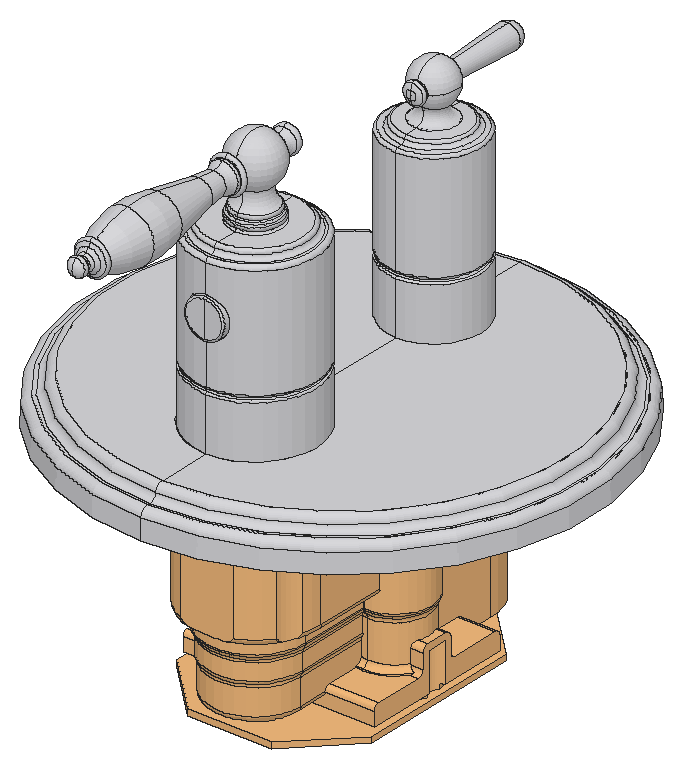
Revit family "Shower-Valve_Trim-KOHLER-MODULO-K-72814T_1", category Plumbing Fixtures, host Face, Revit 2017
Family settings
  Host = Face
  Round Connector Dimension = Use Diameter
  Part Type = Normal
  OmniClass Number = 23.31.25.00
  OmniClass Title = Toilet and Bath Specialties
  Cut with Voids When Loaded = No
  Shared = No
  Room Calculation Point = No
Parameters (values of type "CP-Polished Chrome")
  Width = 7 11/128"  # constant formula
  WaterSense Certified = 1 = 0  # no
  Waste Water Outlet = "Waste Water Outlet"  # constant formula
  Waste Connection = 1 = 0  # no
  Vent Connection = 1 = 0  # no
  URL = "http://www.kohler.com.cn/"
  Type = 1
  Tempered Water Outlet 2 = "Tempered Water Outlet 2"  # constant formula
  Tempered Water Outlet 1 = "Tempered Water Outlet 1"  # constant formula
  Product Page URL = "https://www.kohler.com.cn/product/K-72814T-4M/K-72814T-4M-CP/"
  Product Name = "MODULO"  # constant formula
  Product Documentation Link = "https://files.kohler.com.cn/pdfs/1595311135200_1232851-2_A1.pdf"
  Pressure = 0.00 psi
  Model = "K-72814T-4-CP"  # constant formula
  Handle Clearance = 3.23207"
  Material = "Premium Metal Construction"  # constant formula
  Master Format 2014 Name = "Residential Showers"  # constant formula
  Master Format 2014 = "22 42 23"  # constant formula
  Manufacturer Address = "Kohler Beijing Office (100016) 36-2-03-B, No. 88, Liuxiang Road, Beijing"  # constant formula
  Manufacturer = "KOHLER Co."  # constant formula
  Length = 4 85/256"  # constant formula
  Hot Water Inlet = "Hot Water Inlet"  # constant formula
  Height = 7 11/128"  # constant formula
  HW Connection = 1 = 1  # yes
  Flow Rate = 0 GPM
  Finish = Kohler-Metal-CP-Polished_Chrome
  Environmental Product Declaration = ""
  Drain Included = 1 = 0  # no
  Description = "Wisdom valve core series Wisdom circular thermostatic in-wall shower valve core and panel (Finno handle)"  # constant formula
  Default Elevation = 42"
  Declare Label = ""
  Date Modified = "10/06/2020"  # constant formula
  Date Created = "10/06/2020"  # constant formula
  Copyright = "Copyright KOHLER Co."  # constant formula
  Contact Us = "http://www.kohler.com.cn/contact/contact-us/"
  Cold Water Inlet = "Cold Water Inlet"  # constant formula
  CW Connection = 1 = 1  # yes
  Assembly Code = "D2010700"
  ADA Compliant = 1 = 0  # no
Reference planes (in)
  plane 1 "Center (Front/Back)": y = 0
  plane 2: z = 0
  plane 3 "Center (Left/Right)": x = 0
  plane 4: x = -3.54346
  plane 5: x = -0.86614
  plane 6: z = 3.53149
  plane 7: x = 0.63921
  plane 8: x = 3.54247
  plane 9: z = 3.94689
  plane 10: z = 4.33203
  plane 11: z = 0.6437
  plane 12: y = 3.54331
  plane 13: y = -3.54262
  plane 14: y = 2.30318
  plane 15: y = -0.6496
  plane 16: y = -2.38188
  plane 17: y = 3.11182
  plane 18: y = -4.74781
  plane 19: y = 1.63386
  plane 20: y = -1.51574
  plane 21: z = -3.34053
Forms (in)
  Extrusion 1, void
    sketch origin (0, 0, 0) x (1, 0, 0) y (0, 1, 0)
      loop
        line (-1.62767, 2.53101) -> (-1.62767, -2.531) -> (1.56574, -2.531) -> (1.56574, 2.53101) -> (-1.62767, 2.53101)
    from 0 to -3.46048
Dimensions and locks (in)
  "Length": plane 10 to level
  "Width": plane 4 to plane 8
  "Height": plane 12 to plane 13
  "Handle Clearance": plane 20 to plane 18
  plane 17 to plane 19 = 1.47795"
  plane 19 to plane 20 = 3.14961"
  aligned and locked: plane 2 to host face
  aligned and locked: level to host face
  aligned and locked: plane 20 to nested 1
  aligned and locked: plane 19 to nested 1
Automatic sketch dimensions
  host sketch curve to host sketch curve = 96"  (x2)
  plane 5 to Extrusion 1 sketch curve = 0.76153"
  Extrusion 1 sketch curve to plane 7 = 0.92653"
  plane 1 "Center (Front/Back)" to Extrusion 1 sketch curve = 2.531"
  Extrusion 1 sketch curve to plane 1 "Center (Front/Back)" = 2.53101"
Nested families (in)
  nested 1: "K-72814T" at (0, 0, 0), type "K-72814T"
Connectors (in)
  piping at (-0.00464, -0.9088, -3.10856), diameter 0.5, driven by "Flow Rate", driven by "HW Connection", driven by "Tempered Water Outlet 1"
    settings: on nested 1, index 1, connector inside diameter 24", connector length 0", flow factor 0, pipe flow 0 GPM, pressure drop 0.00 psi, fitting loss kfactor 0, connector angle 0.00°, fixture units 0, engagement length 0", angle of deflection 0.00°, flow configuration 0, flow direction 2, fitting loss method 0, system type 19, joint type 0, gender type 0, connector reference index -1, connector utility 1, adjustable connector no, is connector primary yes, connector description "Tempered Water Outlet 1"
  piping at (-0.67224, 0.00139, -3.10856), diameter 0.5, driven by "Flow Rate", driven by "HW Connection", driven by "Hot Water Inlet"
    settings: on nested 1, index 2, connector inside diameter 24", connector length 0", flow factor 0, pipe flow 0 GPM, pressure drop 0.00 psi, fitting loss kfactor 0, connector angle 0.00°, fixture units 0, engagement length 0", angle of deflection 0.00°, flow configuration 0, flow direction 1, fitting loss method 0, system type 19, joint type 0, gender type 0, connector reference index -1, connector utility 1, adjustable connector no, is connector primary no, connector description "Hot Water Inlet"
  piping at (-0.00464, 1.15394, -3.10856), diameter 0.5, driven by "Flow Rate", driven by "HW Connection", driven by "Tempered Water Outlet 2"
    settings: on nested 1, index 3, connector inside diameter 24", connector length 0", flow factor 0, pipe flow 0 GPM, pressure drop 0.00 psi, fitting loss kfactor 0, connector angle 0.00°, fixture units 0, engagement length 0", angle of deflection 0.00°, flow configuration 0, flow direction 2, fitting loss method 0, system type 19, joint type 0, gender type 0, connector reference index -1, connector utility 1, adjustable connector no, is connector primary no, connector description "Tempered Water Outlet 2"
  piping at (0.67281, 0.00139, -3.10856), diameter 0.5, driven by "Flow Rate", driven by "CW Connection", driven by "Cold Water Inlet"
    settings: on nested 1, index 4, connector inside diameter 24", connector length 0", flow factor 0, pipe flow 0 GPM, pressure drop 0.00 psi, fitting loss kfactor 0, connector angle 0.00°, fixture units 0, engagement length 0", angle of deflection 0.00°, flow configuration 0, flow direction 1, fitting loss method 0, system type 20, joint type 0, gender type 0, connector reference index -1, connector utility 1, adjustable connector no, is connector primary no, connector description "Cold Water Inlet"
Definition of nested family "K-72814T"
  Parameters (values of type "K-72814T")
    Material = none
  Reference planes (in)
    plane 1 "Center (Front/Back)": y = 0
    plane 2: z = 0
    plane 3 "Center (Left/Right)": x = 0
    plane 4: x = 0.68992
    plane 5: z = 0.59055
    plane 6: x = -0.86614
    plane 7: z = 4.33256
    plane 8: z = 3.53149
    plane 9: x = 0.86614
    plane 10: x = -3.54346
    plane 11: x = 3.54346
    plane 12: x = -0.86614
    plane 13: x = -0.68992
    plane 14: y = 3.54331
    plane 15: z = 3.94689
    plane 16: y = -1.51574
    plane 17: y = 1.63386
    plane 18: y = -3.54331
    plane 19: y = -4.74781
    plane 20: y = 3.11182
  Forms (in)
    Revolve 1, solid, material <- "Material", detail levels medium+fine
      sketch origin (0, 0, 0) x (0, 1, 0) y (0, 0, 1)
        loop
          line (2.30316, 0.59055) -> (2.30316, 1.33633) -> (2.28121, 1.35827) -> (2.21457, 1.35827) -> (2.21457, 1.40551) -> (2.28349, 1.40551)
          arc (2.28349, 1.40551) -> (2.2974, 1.41127) -> (2.30316, 1.42517) r 0.01966
          line (2.30316, 1.42517) -> (2.30316, 2.92726)
          arc (2.30316, 2.92726) -> (2.29357, 2.95302) -> (2.26947, 2.96624) r 0.0394
          arc (2.26947, 2.96624) -> (2.23244, 2.97183) -> (2.19547, 2.97775) r 4.26932
          arc (2.19547, 2.97775) -> (2.1618, 2.9954) -> (2.14531, 3.02965) r 0.06048
          arc (2.14531, 3.02965) -> (2.13409, 3.05237) -> (2.1113, 3.06342) r 0.03908
          arc (2.1113, 3.06342) -> (2.02436, 3.0731) -> (1.93723, 3.0809) r 4.06962
          line (1.93723, 3.0809) -> (1.63386, 3.0809) -> (1.63386, 0.59055) -> (2.30316, 0.59055)
        axis (1.63386, 0.59055) -> (1.63386, 3.0809)
      angle from 0 to 360
    Revolve 2, solid, material <- "Material", detail levels medium+fine
      sketch origin (0, 0, 0) x (0, 1, 0) y (0, 0, 1)
        loop
          arc (3.11182, 3.5315) -> (3.05832, 3.65834) -> (2.93013, 3.70861) r 0.17711
          arc (2.93013, 3.70861) -> (2.42556, 3.6896) -> (1.92158, 3.65864) r 21.31025
          line (1.92158, 3.65864) -> (1.34918, 3.66557)
          arc (1.34918, 3.66557) -> (1.33185, 3.66437) -> (1.3173, 3.67385) r 0.02734
          arc (1.3173, 3.67385) -> (1.29141, 3.68619) -> (1.2658, 3.67326) r 0.03256
          arc (1.2658, 3.67326) -> (1.24559, 3.63898) -> (1.23367, 3.601) r 0.17443
          arc (1.23367, 3.601) -> (1.22875, 3.56641) -> (1.22719, 3.5315) r 0.36085
          line (1.22719, 3.5315) -> (3.11182, 3.5315)
        axis (1.22719, 3.5315) -> (3.11182, 3.5315)
      angle from 0 to 360
    Revolve 3, solid, material <- "Material", detail levels medium+fine
      sketch origin (0, 0, 0) x (0, 1, 0) y (0, 0, 1)
        loop
          line (-0.73818, 1.35827) -> (-0.73818, 1.40551) -> (-0.66929, 1.40551)
          arc (-0.66929, 1.40551) -> (-0.65537, 1.41128) -> (-0.6496, 1.4252) r 0.01969
          line (-0.6496, 1.4252) -> (-0.6496, 3.00145)
          arc (-0.6496, 3.00145) -> (-0.66647, 3.04218) -> (-0.70721, 3.05906) r 0.05761
          line (-0.70721, 3.05906) -> (-0.74905, 3.05906)
          arc (-0.74905, 3.05906) -> (-0.79373, 3.07976) -> (-0.80683, 3.12724) r 0.05857
          arc (-0.80683, 3.12724) -> (-0.81641, 3.162) -> (-0.84914, 3.17717) r 0.04289
          line (-0.84914, 3.17717) -> (-1.15888, 3.17717)
          arc (-1.15888, 3.17717) -> (-1.17957, 3.19224) -> (-1.17157, 3.21656) r 0.02174
          arc (-1.17157, 3.21656) -> (-1.15683, 3.23842) -> (-1.15986, 3.26462) r 0.038
          arc (-1.15986, 3.26462) -> (-1.16581, 3.27912) -> (-1.16933, 3.2944) r 0.09691
          arc (-1.16933, 3.2944) -> (-1.17624, 3.30837) -> (-1.19002, 3.31563) r 0.02528
          arc (-1.19002, 3.31563) -> (-1.20221, 3.3247) -> (-1.20217, 3.33989) r 0.01686
          arc (-1.20217, 3.33989) -> (-1.19865, 3.3663) -> (-1.2124, 3.38911) r 0.04022
          arc (-1.2124, 3.38911) -> (-1.29133, 3.50752) -> (-1.29184, 3.64982) r 0.24704
          arc (-1.29184, 3.64982) -> (-1.16552, 4.06558) -> (-1.51574, 4.32279) r 0.37596
          line (-1.51574, 4.32279) -> (-1.51574, 0.59055) -> (-0.6496, 0.59055) -> (-0.6496, 1.33857)
          arc (-0.6496, 1.33857) -> (-0.65537, 1.3525) -> (-0.6693, 1.35827) r 0.0197
          line (-0.6693, 1.35827) -> (-0.73818, 1.35827)
        axis (-1.51574, 4.32279) -> (-1.51574, 0.59055)
      angle from 0 to 360
    Revolve 4, solid, material <- "Material", detail levels medium+fine
      sketch origin (0, 0, 0) x (0, 1, 0) y (0, 0, 1)
        loop
          line (0, 0) -> (3.54331, 0) -> (3.53355, 0.27966)
          arc (3.53355, 0.27966) -> (3.49754, 0.36054) -> (3.41545, 0.3937) r 0.11817
          line (3.41545, 0.3937) -> (3.36864, 0.3937)
          arc (3.36864, 0.3937) -> (3.30242, 0.41956) -> (3.27123, 0.48345) r 0.09774
          arc (3.27123, 0.48345) -> (3.23401, 0.55969) -> (3.15497, 0.59055) r 0.11665
          line (3.15497, 0.59055) -> (0, 0.59055) -> (0, 0)
        axis (0, 0.59055) -> (0, 0)
      angle from 0 to 360
    Extrusion 5, void
      sketch origin (0, 0, 0) x (1, 0, 0) y (0, 0, 1)
        loop
          circle (-0.00009, 2.31112) r 0.29586
      from 2.26097 to 2.45027
    Revolve 6, solid, material <- "Material", detail levels medium+fine
      sketch origin (0, 0, 0) x (0, 1, 0) y (0, 0, 1)
        loop
          line (-2.20894, 2.30709) -> (-2.20894, 2.58267) -> (-2.40243, 2.58267)
          arc (-2.40243, 2.58267) -> (-2.41668, 2.57677) -> (-2.42259, 2.56251) r 0.02016
          line (-2.42259, 2.56251) -> (-2.42259, 2.30709) -> (-2.20894, 2.30709)
        axis (-2.42259, 2.30709) -> (-2.20894, 2.30709)
      angle from 0 to 360
    Revolve 7, solid, material <- "Material", detail levels medium+fine
      sketch origin (0, 0, 0) x (0, 1, 0) y (0, 0, 1)
        loop
          line (-4.74781, 3.94689) -> (-0.77588, 3.94689)
          arc (-0.77588, 3.94689) -> (-0.78207, 3.97095) -> (-0.79906, 3.98907) r 0.05006
          arc (-0.79906, 3.98907) -> (-0.85656, 4.03781) -> (-0.89883, 4.10023) r 0.27753
          arc (-0.89883, 4.10023) -> (-0.95157, 4.13888) -> (-1.0135, 4.11793) r 0.07089
          arc (-1.0135, 4.11793) -> (-1.06617, 4.08158) -> (-1.12886, 4.06878) r 0.15997
          line (-1.12886, 4.06878) -> (-1.84789, 4.06878)
          arc (-1.84789, 4.06878) -> (-1.91976, 4.11202) -> (-1.9648, 4.18276) r 0.18309
          arc (-1.9648, 4.18276) -> (-2.00481, 4.20639) -> (-2.03479, 4.1709) r 0.036
          line (-2.03479, 4.1709) -> (-2.03479, 4.0819) -> (-4.35289, 4.0819) -> (-4.35289, 4.15195)
          arc (-4.35289, 4.15195) -> (-4.38271, 4.19118) -> (-4.42523, 4.16629) r 0.03714
          arc (-4.42523, 4.16629) -> (-4.43847, 4.1366) -> (-4.45753, 4.11026) r 0.15719
          arc (-4.45753, 4.11026) -> (-4.48101, 4.08562) -> (-4.50599, 4.06248) r 0.54628
          arc (-4.50599, 4.06248) -> (-4.52786, 4.04678) -> (-4.55227, 4.03541) r 0.14431
          arc (-4.55227, 4.03541) -> (-4.5727, 4.03494) -> (-4.58939, 4.04674) r 0.03255
          arc (-4.58939, 4.04674) -> (-4.60025, 4.05871) -> (-4.61328, 4.06826) r 0.0802
          arc (-4.61328, 4.06826) -> (-4.64546, 4.07701) -> (-4.67764, 4.06826) r 0.06352
          arc (-4.67764, 4.06826) -> (-4.72872, 4.01682) -> (-4.74781, 3.94689) r 0.14222
        axis (-0.77588, 3.94689) -> (-4.74781, 3.94689)
      angle from 0 to 360
    Revolve 8, solid, material <- "Material", detail levels medium+fine
      sketch origin (0, 0, 0) x (0, 1, 0) y (0, 0, 1)
        loop
          arc (1.94627, 3.5315) -> (1.85667, 3.75585) -> (1.63386, 3.84925) r 0.31245
          line (1.63386, 3.84925) -> (1.63386, 3.0809) -> (1.94606, 3.0809)
          arc (1.94606, 3.0809) -> (1.8255, 3.16065) -> (1.85174, 3.3028) r 0.13099
          arc (1.85174, 3.3028) -> (1.9207, 3.40818) -> (1.94627, 3.5315) r 0.33782
        axis (1.63386, 3.0809) -> (1.63386, 3.84925)
      angle from 0 to 360
    Revolve 9, solid, material <- "Material", detail levels medium+fine
      sketch origin (0, 0, 0) x (0, 1, 0) y (0, 0, 1)
        loop
          line (-4.35289, 4.15195) -> (-4.35289, 3.94689) -> (-2.03479, 3.94689) -> (-2.03479, 4.13184)
          arc (-2.03479, 4.13184) -> (-2.05411, 4.16344) -> (-2.09103, 4.16065) r 0.0355
          arc (-2.09103, 4.16065) -> (-2.16801, 4.12322) -> (-2.2531, 4.11385) r 0.25083
          arc (-2.2531, 4.11385) -> (-2.3876, 4.12523) -> (-2.52144, 4.14271) r 2.97658
          arc (-2.52144, 4.14271) -> (-2.87883, 4.20606) -> (-3.23294, 4.28574) r 7.90854
          arc (-3.23294, 4.28574) -> (-3.5012, 4.32835) -> (-3.77278, 4.32401) r 1.56727
          arc (-3.77278, 4.32401) -> (-4.07084, 4.26497) -> (-4.35289, 4.15195) r 1.63973
        axis (-2.03479, 3.94689) -> (-4.35289, 3.94689)
      angle from 0 to 360
    Extrusion 10, solid, detail levels medium+fine
      sketch origin (0, 0, 0) x (1, 0, 0) y (0, 1, 0)
        loop
          line (-1.37767, 1.18111) -> (-1.37767, -1.1811) -> (-0.59027, -1.9685) -> (0.59083, -1.9685) -> (1.37824, -1.1811) -> (1.37824, 1.18111) -> (0.59083, 1.96851) -> (-0.59027, 1.96851) -> (-1.37767, 1.18111)
      from -3.10856 to -3.02982
    Sweep 11, solid, detail levels medium+fine
      path origin (0, 0, 0) x (1, 0, 0) y (0, 1, 0)
        loop
          line (-0.92491, -0.41589) -> (-0.92491, -1.5195)
          arc (-0.92491, -1.5195) -> (0.00028, -2.4447) -> (0.92548, -1.5195) r 0.9252
          line (0.92548, -1.5195) -> (0.92548, -0.41589)
      profile origin (0.92548, -0.9677, 0) x (-1, 0, 0) y (0, 0, 1)
        loop
          line (0.28543, -2.38556) -> (0.28543, -2.75898)
          arc (0.28543, -2.75898) -> (0.30787, -2.81315) -> (0.36205, -2.83559) r 0.07662
          line (0.36205, -2.83559) -> (0.44974, -2.83559) -> (0.44974, -0.58973) -> (0.07368, -0.60286)
          arc (0.07368, -0.60286) -> (0.02143, -0.62613) -> (0, -0.67916) r 0.07634
          line (0, -0.67916) -> (0, -1.62756)
          arc (0, -1.62756) -> (0.0217, -1.68128) -> (0.07463, -1.70484) r 0.07733
          line (0.07463, -1.70484) -> (0.13089, -1.70681)
          arc (0.13089, -1.70681) -> (0.18465, -1.73074) -> (0.20669, -1.7853) r 0.07854
          line (0.20669, -1.7853) -> (0.20669, -1.92642)
          arc (0.20669, -1.92642) -> (0.209, -1.94396) -> (0.21577, -1.96031) r 0.06778
          line (0.21577, -1.96031) -> (0.24455, -2.01014)
          arc (0.24455, -2.01014) -> (0.25302, -2.03059) -> (0.25591, -2.05254) r 0.08479
          line (0.25591, -2.05254) -> (0.25591, -2.29306)
          arc (0.25591, -2.29306) -> (0.25921, -2.31427) -> (0.2688, -2.33347) r 0.06975
          arc (0.2688, -2.33347) -> (0.28118, -2.35822) -> (0.28543, -2.38556) r 0.08991
    Revolve 12, solid, detail levels medium+fine
      sketch origin (-0.75, 0, 0) x (0, 1, 0) y (0, 0, 1)
        loop
          line (0, -0.54951) -> (0, -3.02982) -> (0.55978, -3.02982) -> (0.55978, -2.67089)
          arc (0.55978, -2.67089) -> (0.50166, -2.64682) -> (0.47758, -2.58869) r 0.08221
          line (0.47758, -2.58869) -> (0.47758, -2.0613)
          arc (0.47758, -2.0613) -> (0.48165, -2.03038) -> (0.49358, -2.00157) r 0.11947
          line (0.49358, -2.00157) -> (0.51956, -1.95658)
          arc (0.51956, -1.95658) -> (0.52571, -1.94173) -> (0.52781, -1.92579) r 0.06157
          line (0.52781, -1.92579) -> (0.52781, -1.23823)
          arc (0.52781, -1.23823) -> (0.5313, -1.21167) -> (0.54156, -1.18691) r 0.10264
          line (0.54156, -1.18691) -> (0.55799, -1.15845)
          arc (0.55799, -1.15845) -> (0.56597, -1.13918) -> (0.5687, -1.11849) r 0.07992
          line (0.5687, -1.11849) -> (0.5687, -0.65974) -> (0.50858, -0.65974) -> (0.53151, -0.63682) -> (0.53151, -0.57221) -> (0.50881, -0.54951) -> (0, -0.54951)
        axis (0, -3.02982) -> (0, -0.54951)
      angle from 0 to 360
    Revolve 13, solid, detail levels medium+fine
      sketch origin (0.75057, 0, 0) x (0, 1, 0) y (0, 0, -1)
        loop
          line (0, 0.54951) -> (0.50881, 0.54951) -> (0.53151, 0.57221) -> (0.53151, 0.63682) -> (0.50858, 0.65974) -> (0.5687, 0.65974) -> (0.5687, 1.11849)
          arc (0.5687, 1.11849) -> (0.56597, 1.13918) -> (0.55799, 1.15845) r 0.07992
          line (0.55799, 1.15845) -> (0.54156, 1.18691)
          arc (0.54156, 1.18691) -> (0.5313, 1.21167) -> (0.52781, 1.23823) r 0.10264
          line (0.52781, 1.23823) -> (0.52781, 1.92579)
          arc (0.52781, 1.92579) -> (0.52571, 1.94173) -> (0.51956, 1.95658) r 0.06157
          line (0.51956, 1.95658) -> (0.49358, 2.00157)
          arc (0.49358, 2.00157) -> (0.48165, 2.03038) -> (0.47758, 2.0613) r 0.11947
          line (0.47758, 2.0613) -> (0.47758, 2.58869)
          arc (0.47758, 2.58869) -> (0.50166, 2.64682) -> (0.55978, 2.67089) r 0.08221
          line (0.55978, 2.67089) -> (0.55978, 3.02982) -> (0, 3.02982) -> (0, 0.54951)
        axis (0, 3.02982) -> (0, 0.54951)
      angle from 0 to 360
    Sweep 14, solid, detail levels medium+fine
      path origin (0, 0, 0) x (1, 0, 0) y (0, 1, 0)
        loop
          line (0.80737, 0.45838) -> (0.80737, 1.63383)
          arc (0.80737, 1.63383) -> (0.00028, 2.44092) -> (-0.8068, 1.63383) r 0.80709
          line (-0.8068, 1.63383) -> (-0.8068, 0.45838)
      profile origin (0.80737, 1.04611, 0) x (-1, 0, 0) y (0, 0, 1)
        loop
          line (0, -0.92298) -> (0, -2.95502) -> (0.25, -2.95502) -> (0.25, -0.8288) -> (0.08539, -0.83455)
          arc (0.08539, -0.83455) -> (0.02483, -0.86151) -> (0, -0.92298) r 0.08848
    Revolve 15, solid, detail levels medium+fine
      sketch origin (0, 0, 0) x (0, 1, 0) y (0, 0, 1)
        loop
          line (-2.35815, -0.45502) -> (-2.25401, -0.45502)
          arc (-2.25401, -0.45502) -> (-2.28294, -0.56158) -> (-2.38189, -0.61059) r 0.13451
          line (-2.38189, -0.61059) -> (-2.38189, -0.89265) -> (-1.51574, -0.89265) -> (-1.51574, 0) -> (-2.38189, 0) -> (-2.38189, -0.43128) -> (-2.35815, -0.45502)
        axis (-1.51574, 0) -> (-1.51574, -0.89265)
      angle from 0 to 360
    Revolve 16, solid, detail levels medium+fine
      sketch origin (0.00027, 0, 0) x (0, 1, 0) y (0, 0, 1)
        loop
          line (0.96457, -0.75029) -> (1.00081, -0.75029) -> (1.00081, -1.00029) -> (1.63386, -1.00029) -> (1.63386, 0) -> (0.96457, 0) -> (0.96457, -0.75029)
        axis (1.63386, 0) -> (1.63386, -1.00029)
      angle from 0 to 360
    Extrusion 17, solid, detail levels medium+fine
      sketch origin (0, 0, 0) x (0, 1, 0) y (0, 0, 1)
        loop
          line (-0.31692, -2.68552) -> (-1.02842, -2.68552)
          arc (-1.02842, -2.68552) -> (-1.08017, -2.70696) -> (-1.10161, -2.75871) r 0.07319
          line (-1.10161, -2.75871) -> (-1.10161, -2.95561) -> (1.10162, -2.95561) -> (1.10162, -2.75928)
          arc (1.10162, -2.75928) -> (1.08001, -2.70712) -> (1.02786, -2.68552) r 0.07376
          line (1.02786, -2.68552) -> (0.31677, -2.68552)
          arc (0.31677, -2.68552) -> (0.26169, -2.66271) -> (0.23888, -2.60763) r 0.07789
          line (0.23888, -2.60763) -> (0.23888, -2.40213)
          arc (0.23888, -2.40213) -> (0.21516, -2.34488) -> (0.1579, -2.32116) r 0.08097
          line (0.1579, -2.32116) -> (-0.15768, -2.32116)
          arc (-0.15768, -2.32116) -> (-0.21509, -2.34494) -> (-0.23887, -2.40235) r 0.08119
          line (-0.23887, -2.40235) -> (-0.23887, -2.60748)
          arc (-0.23887, -2.60748) -> (-0.26173, -2.66266) -> (-0.31692, -2.68552) r 0.07804
      from -1.34814 to 1.34871
    Extrusion 18, void
      sketch origin (0, 0, 0) x (1, 0, 0) y (0, 1, 0)
        loop
          line (1.38084, -0.15608) -> (1.38084, 0.15609)
          arc (1.38084, 0.15609) -> (1.23887, 0) -> (1.38084, -0.15608) r 0.15679
        loop
          arc (-1.38027, -0.15608) -> (-1.23831, 0) -> (-1.38027, 0.15609) r 0.15679
          line (-1.38027, 0.15609) -> (-1.38027, -0.15608)
      from -3.02982 to -2.40384
    Extrusion 19, void
      sketch origin (0, 0, 0) x (1, 0, 0) y (0, 1, 0)
        loop
          line (-0.91353, -1.76965) -> (-0.75045, -2.11937)
          arc (-0.75045, -2.11937) -> (-0.77679, -1.91877) -> (-0.91353, -1.76965) r 0.33605
        loop
          arc (-0.40375, -2.36659) -> (0.00294, -2.46753) -> (0.40963, -2.36659) r 0.86978
          arc (0.40963, -2.36659) -> (0.00294, -2.36446) -> (-0.40375, -2.36659) r 38.76517
        loop
          arc (0.91409, -1.76965) -> (0.77735, -1.91877) -> (0.75101, -2.11937) r 0.33605
          line (0.75101, -2.11937) -> (0.91409, -1.76965)
      from -1.75423 to -0.59202
    Extrusion 20, void
      sketch origin (0, 0, 0) x (1, 0, 0) y (0, 1, 0)
        loop
          line (-0.32587, 2.38189) -> (0.32644, 2.38189)
          arc (0.32644, 2.38189) -> (0.00028, 2.4499) -> (-0.32587, 2.38189) r 0.81607
      from -2.55014 to -0.83455
    Extrusion 21, void
      sketch origin (0, 0, 0) x (1, 0, 0) y (0, 1, 0)
        loop
          line (-0.56985, 2.26687) -> (0.56306, 2.26687)
          arc (0.56306, 2.26687) -> (-0.00339, 2.49557) -> (-0.56985, 2.26687) r 0.81586
      from -2.95502 to -2.44776
    Extrusion 22, solid, detail levels medium+fine
      sketch origin (0, 0, 0) x (1, 0, 0) y (0, 1, 0)
        loop
          arc (-0.47518, -1.5195) -> (0.00028, -1.99496) -> (0.47574, -1.5195) r 0.47546
          line (0.47574, -1.5195) -> (0.47574, -0.5195) -> (-0.47518, -0.5195) -> (-0.47518, -1.5195)
      from -2.83559 to -0.61059
    Extrusion 23, solid, detail levels medium+fine
      sketch origin (0, 0, 0) x (1, 0, 0) y (0, 1, 0)
        loop
          arc (0.55737, 1.63383) -> (0.00028, 2.19092) -> (-0.5568, 1.63383) r 0.55709
          line (-0.5568, 1.63383) -> (-0.5568, 0.55399) -> (0.55737, 0.55399) -> (0.55737, 1.63383)
      from -2.95502 to -0.83455
    Extrusion 24, void
      sketch origin (-2.06429, -0.25371, 0) x (1, 0, 0) y (0, 0, 1)
        loop
          line (0.92914, -2.58724) -> (0.92914, -2.55328) -> (0.88144, -2.55328) -> (0.88144, -2.58724) -> (0.92914, -2.58724)
      from -1.27856 to -1.03944
    Extrusion 25, void
      sketch origin (-2.318, 1.81057, 0) x (0, -1, 0) y (0, 0, 1)
        loop
          line (0.92914, -2.58724) -> (0.92914, -2.55328) -> (0.88144, -2.55328) -> (0.88144, -2.58724) -> (0.92914, -2.58724)
      from -1.27856 to -1.03944
    Extrusion 26, void
      sketch origin (-2.06429, 0.25372, 0) x (1, 0, 0) y (0, 0, -1)
        loop
          line (0.92914, 2.58724) -> (0.88144, 2.58724) -> (0.88144, 2.55328) -> (0.92914, 2.55328) -> (0.92914, 2.58724)
      from -1.27856 to -1.03944
    Extrusion 27, void
      sketch origin (-2.318, -1.81057, 0) x (0, 1, 0) y (0, 0, -1)
        loop
          line (0.92914, 2.58724) -> (0.88144, 2.58724) -> (0.88144, 2.55328) -> (0.92914, 2.55328) -> (0.92914, 2.58724)
      from -1.27856 to -1.03944
    Extrusion 28, void
      sketch origin (2.06485, 0.25372, 0) x (-1, 0, 0) y (0, 0, 1)
        loop
          line (0.92914, -2.58724) -> (0.92914, -2.55328) -> (0.88144, -2.55328) -> (0.88144, -2.58724) -> (0.92914, -2.58724)
      from -1.27856 to -1.03944
    Extrusion 29, void
      sketch origin (2.31856, -1.81057, 0) x (0, 1, 0) y (0, 0, 1)
        loop
          line (0.92914, -2.58724) -> (0.92914, -2.55328) -> (0.88144, -2.55328) -> (0.88144, -2.58724) -> (0.92914, -2.58724)
      from -1.27856 to -1.03944
    Extrusion 30, void
      sketch origin (2.06485, -0.25371, 0) x (-1, 0, 0) y (0, 0, -1)
        loop
          line (0.92914, 2.58724) -> (0.88144, 2.58724) -> (0.88144, 2.55328) -> (0.92914, 2.55328) -> (0.92914, 2.58724)
      from -1.29104 to -1.02682
    Extrusion 31, void
      sketch origin (2.31856, 1.81057, 0) x (0, -1, 0) y (0, 0, -1)
        loop
          line (0.92914, 2.58724) -> (0.88144, 2.58724) -> (0.88144, 2.55328) -> (0.92914, 2.55328) -> (0.92914, 2.58724)
      from -1.27856 to -0.90136
    Extrusion 32, void
      sketch origin (0, 0, 0) x (1, 0, 0) y (0, 1, 0)
        loop
          line (-0.4131, -0.03937) -> (-0.4131, 0.03937) -> (-0.61768, 0.03937)
          arc (-0.61768, 0.03937) -> (-0.88805, 0) -> (-0.61768, -0.03937) r 0.13805
          line (-0.61768, -0.03937) -> (-0.4131, -0.03937)
      from -0.58973 to -0.50052
    Extrusion 33, void
      sketch origin (0.00055, 0, 0) x (-1, 0, 0) y (0, -1, 0)
        loop
          line (-0.4131, 0.03937) -> (-0.61768, 0.03937)
          arc (-0.61768, 0.03937) -> (-0.88805, 0) -> (-0.61768, -0.03937) r 0.13805
          line (-0.61768, -0.03937) -> (-0.4131, -0.03937) -> (-0.4131, 0.03937)
      from -0.58973 to -0.50052
    Revolve 34, void
      sketch origin (-0.01266, -3.01609, 0.43381) x (0, 1, 0) y (0, 0, 1)
        loop
          line (2.39693, 0.17161) -> (1.50037, 0.17161) -> (1.50037, 0.07318) -> (2.37637, 0.07318) -> (2.37637, 0.15105)
          arc (2.37637, 0.15105) -> (2.38239, 0.16558) -> (2.39693, 0.17161) r 0.02056
        axis (1.50037, 0.07318) -> (1.50037, 0.17161)
      angle from 0 to 360
    Extrusion 35, solid, detail levels medium+fine
      sketch origin (0, 0, 0) x (1, 0, 0) y (0, 1, 0)
        loop
          circle (-0.67224, 0.00139) r 0.07874
        loop
          circle (-0.00464, -0.9088) r 0.07874
        loop
          circle (0.67281, 0.00139) r 0.07874
        loop
          circle (-0.00464, 1.15394) r 0.07874
      from -3.10856 to -3.02982
    Extrusion 36, solid, detail levels coarse
      sketch origin (0, 0, 0) x (1, 0, 0) y (0, 1, 0)
        loop
          line (-0.59027, 1.96851) -> (-1.34814, 1.21063) -> (-1.34814, -1.21063) -> (-0.59027, -1.9685) -> (0.59083, -1.9685) -> (1.34871, -1.21063) -> (1.34871, 1.21063) -> (0.59083, 1.96851) -> (-0.59027, 1.96851)
      from -3.10856 to 0
    Revolve 37, solid, material <- "Material", detail levels coarse
      sketch origin (0, 0, 0) x (0, 1, 0) y (0, 0, 1)
        loop
          line (0.96457, 0.59055) -> (1.63386, 0.59055) -> (1.63386, 3.93701) -> (0.96457, 3.93701) -> (0.96457, 0.59055)
        axis (1.63386, 3.93701) -> (1.63386, 0.59055)
      angle from 0 to 360
    Revolve 38, solid, material <- "Material", detail levels coarse
      sketch origin (0, 0, 0) x (0, 1, 0) y (0, 0, 1)
        loop
          line (3.11182, 3.75362) -> (1.63386, 3.75362) -> (1.63386, 3.53149) -> (3.11182, 3.53149) -> (3.11182, 3.75362)
        axis (1.63386, 3.53149) -> (3.11182, 3.53149)
      angle from 0 to 360
    Revolve 39, solid, material <- "Material", detail levels coarse
      sketch origin (0, 0, 0) x (0, 1, 0) y (0, 0, 1)
        loop
          line (3.54331, 0) -> (3.54331, 0.59055) -> (0, 0.59055) -> (0, 0) -> (3.54331, 0)
        axis (0, 0) -> (0, 0.59055)
      angle from 0 to 360
    Revolve 40, solid, material <- "Material", detail levels coarse
      sketch origin (0, 0, 0) x (0, 1, 0) y (0, 0, 1)
        loop
          line (-0.63892, 0.50699) -> (-0.63892, 4.54443) -> (-1.51574, 4.54443) -> (-1.51574, 0.50699) -> (-0.63892, 0.50699)
        axis (-1.51574, 0.50699) -> (-1.51574, 4.54443)
      angle from 0 to 360
    Revolve 41, solid, material <- "Material", detail levels coarse
      sketch origin (0, 0, 0) x (0, 1, 0) y (0, 0, 1)
        loop
          line (-4.74781, 4.33256) -> (-4.74781, 3.94689) -> (-1.52194, 3.94689) -> (-1.52194, 4.33256) -> (-4.74781, 4.33256)
        axis (-1.52194, 3.94689) -> (-4.74781, 3.94689)
      angle from 0 to 360
  Cuts and joins
    Extrusion 5 cuts Revolve 3
    Revolve 34 cuts Revolve 4
    joined: Revolve 1, Revolve 2, Revolve 3, Revolve 4, Revolve 6, Revolve 9
    joined: Revolve 7, Revolve 8
    Extrusion 18, Extrusion 28, Extrusion 32, Extrusion 33 cuts Revolve 12
    Extrusion 18, Extrusion 28, Extrusion 33 cuts Revolve 13
    Extrusion 18, Extrusion 28, Extrusion 33 cuts Extrusion 17
    joined: Revolve 12, Revolve 13, Extrusion 17
    Extrusion 19 cuts Sweep 11
    Extrusion 20, Extrusion 21 cuts Sweep 14
    Extrusion 19 cuts Revolve 15
    joined: Extrusion 10, Sweep 11, Sweep 14, Revolve 15, Revolve 16, Extrusion 22, Extrusion 23
  Lines and regions (in)
    Masking region 1
      outline origin (0, 0, 0) x (1, 0, 0) y (0, 1, 0)
        loop
          arc (-3.54352, 0) -> (-2.63753, -2.36639) -> (-0.38284, -3.52269) r 3.54342
          arc (-0.38284, -3.52269) -> (-0.38497, -3.64785) -> (-0.37712, -3.77278) r 1.56727
          arc (-0.37712, -3.77278) -> (-0.31808, -4.07084) -> (-0.20505, -4.35289) r 1.63973
          arc (-0.20505, -4.35289) -> (-0.24429, -4.38271) -> (-0.21939, -4.42523) r 0.03714
          arc (-0.21939, -4.42523) -> (-0.1897, -4.43847) -> (-0.16337, -4.45753) r 0.15719
          arc (-0.16337, -4.45753) -> (-0.13873, -4.48101) -> (-0.11559, -4.50599) r 0.54628
          arc (-0.11559, -4.50599) -> (-0.09989, -4.52786) -> (-0.08852, -4.55227) r 0.14431
          arc (-0.08852, -4.55227) -> (-0.08805, -4.5727) -> (-0.09985, -4.58939) r 0.03255
          arc (-0.09985, -4.58939) -> (-0.11182, -4.60025) -> (-0.12137, -4.61328) r 0.0802
          arc (-0.12137, -4.61328) -> (-0.13012, -4.64546) -> (-0.12137, -4.67764) r 0.06352
          arc (-0.12137, -4.67764) -> (-0.06993, -4.72872) -> (0, -4.74781) r 0.14222
          arc (0, -4.74781) -> (0.06993, -4.72872) -> (0.12137, -4.67764) r 0.14222
          arc (0.12137, -4.67764) -> (0.13012, -4.64546) -> (0.12137, -4.61328) r 0.06352
          arc (0.12137, -4.61328) -> (0.11182, -4.60025) -> (0.09985, -4.58939) r 0.0802
          arc (0.09985, -4.58939) -> (0.08805, -4.5727) -> (0.08852, -4.55227) r 0.03255
          arc (0.08852, -4.55227) -> (0.09989, -4.52786) -> (0.11559, -4.50599) r 0.14431
          arc (0.11559, -4.50599) -> (0.13873, -4.48101) -> (0.16337, -4.45753) r 0.54628
          arc (0.16337, -4.45753) -> (0.18971, -4.43847) -> (0.2194, -4.42523) r 0.15719
          arc (0.2194, -4.42523) -> (0.24429, -4.38271) -> (0.20505, -4.35289) r 0.03714
          arc (0.20505, -4.35289) -> (0.31808, -4.07084) -> (0.37712, -3.77278) r 1.63973
          arc (0.37712, -3.77278) -> (0.38497, -3.64784) -> (0.38284, -3.52267) r 1.56727
          arc (0.38284, -3.52267) -> (2.63739, -2.36632) -> (3.54332, 0) r 3.54342
          arc (3.54332, 0) -> (-0.0001, 3.54342) -> (-3.54352, 0) r 3.54342
    Masking region 2
      outline origin (0, 0, 0) x (1, 0, 0) y (0, 0, 1)
        loop
          line (3.4156, 0.3937) -> (3.36879, 0.3937)
          arc (3.36879, 0.3937) -> (3.30257, 0.41956) -> (3.27138, 0.48345) r 0.09774
          arc (3.27138, 0.48345) -> (3.23416, 0.55969) -> (3.15512, 0.59055) r 0.11665
          line (3.15512, 0.59055) -> (0.86614, 0.59055) -> (0.86614, 1.33857)
          arc (0.86614, 1.33857) -> (0.86037, 1.3525) -> (0.84645, 1.35827) r 0.0197
          line (0.84645, 1.35827) -> (0.77756, 1.35827) -> (0.77756, 1.40551) -> (0.84645, 1.40551)
          arc (0.84645, 1.40551) -> (0.86037, 1.41128) -> (0.86614, 1.4252) r 0.01969
          line (0.86614, 1.4252) -> (0.86614, 3.00145)
          arc (0.86614, 3.00145) -> (0.84913, 3.04218) -> (0.80839, 3.05906) r 0.05761
          line (0.80839, 3.05906) -> (0.76655, 3.05906)
          arc (0.76655, 3.05906) -> (0.72187, 3.07976) -> (0.70877, 3.12724) r 0.05857
          arc (0.70877, 3.12724) -> (0.69918, 3.162) -> (0.66646, 3.17717) r 0.04289
          line (0.66646, 3.17717) -> (0.63549, 3.17717) -> (0.35672, 3.17717)
          arc (0.35672, 3.17717) -> (0.33603, 3.19224) -> (0.34403, 3.21656) r 0.02174
          arc (0.34403, 3.21656) -> (0.35877, 3.23843) -> (0.35573, 3.26462) r 0.038
          arc (0.35573, 3.26462) -> (0.34979, 3.27912) -> (0.34627, 3.2944) r 0.09691
          arc (0.34627, 3.2944) -> (0.33936, 3.30837) -> (0.32558, 3.31564) r 0.02528
          arc (0.32558, 3.31564) -> (0.31339, 3.3247) -> (0.31343, 3.33989) r 0.01686
          arc (0.31343, 3.33989) -> (0.31434, 3.37441) -> (0.28814, 3.39692) r 0.04022
          arc (0.28814, 3.39692) -> (0.31789, 3.54034) -> (0.28021, 3.68189) r 0.31802
          arc (0.28021, 3.68189) -> (0, 4.33256) -> (-0.28021, 3.68189) r 0.38567
          arc (-0.28021, 3.68189) -> (-0.31789, 3.54038) -> (-0.28817, 3.39699) r 0.31802
          arc (-0.28817, 3.39699) -> (-0.31457, 3.37453) -> (-0.31372, 3.33989) r 0.04022
          arc (-0.31372, 3.33989) -> (-0.31367, 3.3247) -> (-0.32587, 3.31564) r 0.01686
          arc (-0.32587, 3.31564) -> (-0.33965, 3.30837) -> (-0.34655, 3.2944) r 0.02528
          arc (-0.34655, 3.2944) -> (-0.35008, 3.27912) -> (-0.35602, 3.26462) r 0.09691
          arc (-0.35602, 3.26462) -> (-0.35906, 3.23843) -> (-0.34432, 3.21656) r 0.038
          arc (-0.34432, 3.21656) -> (-0.33631, 3.19224) -> (-0.35701, 3.17717) r 0.02174
          line (-0.35701, 3.17717) -> (-0.66675, 3.17717)
          arc (-0.66675, 3.17717) -> (-0.69947, 3.162) -> (-0.70906, 3.12724) r 0.04289
          arc (-0.70906, 3.12724) -> (-0.72215, 3.07976) -> (-0.76684, 3.05906) r 0.05857
          line (-0.76684, 3.05906) -> (-0.80868, 3.05906)
          arc (-0.80868, 3.05906) -> (-0.84795, 3.04359) -> (-0.86614, 3.0055) r 0.05761
          line (-0.86614, 3.0055) -> (-0.86614, 1.4252)
          arc (-0.86614, 1.4252) -> (-0.86037, 1.41128) -> (-0.84645, 1.40551) r 0.01969
          line (-0.84645, 1.40551) -> (-0.77756, 1.40551) -> (-0.77756, 1.35827) -> (-0.84645, 1.35827)
          arc (-0.84645, 1.35827) -> (-0.86037, 1.3525) -> (-0.86614, 1.33857) r 0.0197
          line (-0.86614, 1.33857) -> (-0.86614, 0.59055) -> (-3.15512, 0.59055)
          arc (-3.15512, 0.59055) -> (-3.23416, 0.55969) -> (-3.27138, 0.48345) r 0.11665
          arc (-3.27138, 0.48345) -> (-3.30257, 0.41956) -> (-3.36879, 0.3937) r 0.09774
          line (-3.36879, 0.3937) -> (-3.4156, 0.3937)
          arc (-3.4156, 0.3937) -> (-3.49769, 0.36054) -> (-3.5337, 0.27966) r 0.11817
          line (-3.5337, 0.27966) -> (-3.54346, 0) -> (0, 0) -> (3.54346, 0) -> (3.5337, 0.27966)
          arc (3.5337, 0.27966) -> (3.49769, 0.36054) -> (3.4156, 0.3937) r 0.11817
    Masking region 3
      outline origin (0, 0, 0) x (0, 1, 0) y (0, 0, 1)
        loop
          line (3.41545, 0.3937) -> (3.36864, 0.3937)
          arc (3.36864, 0.3937) -> (3.30242, 0.41956) -> (3.27123, 0.48345) r 0.09774
          arc (3.27123, 0.48345) -> (3.23401, 0.55969) -> (3.15497, 0.59055) r 0.11665
          line (3.15497, 0.59055) -> (2.30316, 0.59055) -> (2.30316, 1.33633) -> (2.28121, 1.35827) -> (2.21457, 1.35827) -> (2.21457, 1.40551) -> (2.28349, 1.40551)
          arc (2.28349, 1.40551) -> (2.2974, 1.41127) -> (2.30316, 1.42517) r 0.01966
          line (2.30316, 1.42517) -> (2.30316, 2.92726)
          arc (2.30316, 2.92726) -> (2.29357, 2.95302) -> (2.26947, 2.96624) r 0.0394
          arc (2.26947, 2.96624) -> (2.23244, 2.97183) -> (2.19547, 2.97775) r 4.26932
          arc (2.19547, 2.97775) -> (2.1618, 2.9954) -> (2.14531, 3.02965) r 0.06048
          arc (2.14531, 3.02965) -> (2.13409, 3.05237) -> (2.1113, 3.06342) r 0.03908
          arc (2.1113, 3.06342) -> (2.02436, 3.0731) -> (1.93723, 3.0809) r 4.06962
          arc (1.93723, 3.0809) -> (1.84114, 3.13421) -> (1.81838, 3.24171) r 0.13241
          arc (1.81838, 3.24171) -> (1.8248, 3.26433) -> (1.83377, 3.28606) r 0.20507
          arc (1.83377, 3.28606) -> (1.88475, 3.33996) -> (1.92158, 3.40435) r 0.31245
          arc (1.92158, 3.40435) -> (2.42556, 3.37339) -> (2.93013, 3.35438) r 21.31025
          arc (2.93013, 3.35438) -> (3.05832, 3.40465) -> (3.11182, 3.5315) r 0.17711
          arc (3.11182, 3.5315) -> (3.05832, 3.65834) -> (2.93014, 3.70855) r 0.17711
          arc (2.93014, 3.70855) -> (2.42556, 3.6896) -> (1.92158, 3.65864) r 21.31025
          arc (1.92158, 3.65864) -> (1.63765, 3.84923) -> (1.34918, 3.66557) r 0.31245
          arc (1.34918, 3.66557) -> (1.33185, 3.66437) -> (1.3173, 3.67385) r 0.02734
          arc (1.3173, 3.67385) -> (1.29141, 3.68619) -> (1.2658, 3.67326) r 0.03256
          arc (1.2658, 3.67326) -> (1.24559, 3.63898) -> (1.23367, 3.601) r 0.17443
          arc (1.23367, 3.601) -> (1.22875, 3.56641) -> (1.22719, 3.5315) r 0.36085
          arc (1.22719, 3.5315) -> (1.22875, 3.49658) -> (1.23367, 3.46199) r 0.36085
          arc (1.23367, 3.46199) -> (1.24559, 3.42401) -> (1.2658, 3.38973) r 0.17443
          arc (1.2658, 3.38973) -> (1.29141, 3.37681) -> (1.3173, 3.38914) r 0.03256
          arc (1.3173, 3.38914) -> (1.33185, 3.39862) -> (1.34918, 3.39742) r 0.02734
          arc (1.34918, 3.39742) -> (1.38525, 3.33693) -> (1.43396, 3.28606) r 0.31245
          arc (1.43396, 3.28606) -> (1.44292, 3.26433) -> (1.44935, 3.24171) r 0.20507
          arc (1.44935, 3.24171) -> (1.42659, 3.13421) -> (1.3305, 3.0809) r 0.13241
          arc (1.3305, 3.0809) -> (1.24337, 3.0731) -> (1.15643, 3.06342) r 4.06962
          arc (1.15643, 3.06342) -> (1.13364, 3.05237) -> (1.12242, 3.02965) r 0.03908
          arc (1.12242, 3.02965) -> (1.10593, 2.9954) -> (1.07226, 2.97775) r 0.06048
          arc (1.07226, 2.97775) -> (1.03529, 2.97183) -> (0.99826, 2.96624) r 4.26932
          arc (0.99826, 2.96624) -> (0.97416, 2.95302) -> (0.96457, 2.92726) r 0.0394
          line (0.96457, 2.92726) -> (0.96457, 1.42517)
          arc (0.96457, 1.42517) -> (0.97033, 1.41127) -> (0.98424, 1.40551) r 0.01966
          line (0.98424, 1.40551) -> (1.05316, 1.40551) -> (1.05316, 1.35827) -> (0.98652, 1.35827) -> (0.96457, 1.33633) -> (0.96457, 0.59055) -> (-0.6496, 0.59055) -> (-0.6496, 1.33857)
          arc (-0.6496, 1.33857) -> (-0.65537, 1.3525) -> (-0.6693, 1.35827) r 0.0197
          line (-0.6693, 1.35827) -> (-0.73818, 1.35827) -> (-0.73818, 1.40551) -> (-0.66929, 1.40551)
          arc (-0.66929, 1.40551) -> (-0.65537, 1.41128) -> (-0.6496, 1.4252) r 0.01969
          line (-0.6496, 1.4252) -> (-0.6496, 3.00145)
          arc (-0.6496, 3.00145) -> (-0.66647, 3.04218) -> (-0.70721, 3.05906) r 0.05761
          line (-0.70721, 3.05906) -> (-0.74905, 3.05906)
          arc (-0.74905, 3.05906) -> (-0.79373, 3.07976) -> (-0.80683, 3.12724) r 0.05857
          arc (-0.80683, 3.12724) -> (-0.81641, 3.162) -> (-0.84914, 3.17717) r 0.04289
          line (-0.84914, 3.17717) -> (-0.88011, 3.17717) -> (-1.15888, 3.17717)
          arc (-1.15888, 3.17717) -> (-1.17957, 3.19224) -> (-1.17157, 3.21656) r 0.02174
          arc (-1.17157, 3.21656) -> (-1.15683, 3.23842) -> (-1.15986, 3.26462) r 0.038
          arc (-1.15986, 3.26462) -> (-1.16581, 3.27912) -> (-1.16933, 3.2944) r 0.09691
          arc (-1.16933, 3.2944) -> (-1.17624, 3.30837) -> (-1.19002, 3.31563) r 0.02528
          arc (-1.19002, 3.31563) -> (-1.20221, 3.3247) -> (-1.20217, 3.33989) r 0.01686
          arc (-1.20217, 3.33989) -> (-1.19865, 3.3663) -> (-1.2124, 3.38911) r 0.04022
          arc (-1.2124, 3.38911) -> (-1.29133, 3.50752) -> (-1.29184, 3.64982) r 0.24704
          arc (-1.29184, 3.64982) -> (-1.21641, 3.72825) -> (-1.16661, 3.825) r 0.37596
          line (-1.16661, 3.825) -> (-1.12886, 3.825)
          arc (-1.12886, 3.825) -> (-1.06617, 3.8122) -> (-1.0135, 3.77585) r 0.15997
          arc (-1.0135, 3.77585) -> (-0.95157, 3.75491) -> (-0.89883, 3.79356) r 0.07089
          arc (-0.89883, 3.79356) -> (-0.85656, 3.85597) -> (-0.79906, 3.90471) r 0.27753
          arc (-0.79906, 3.90471) -> (-0.78207, 3.92283) -> (-0.77588, 3.94689) r 0.05006
          arc (-0.77588, 3.94689) -> (-0.78207, 3.97095) -> (-0.79906, 3.98907) r 0.05006
          arc (-0.79906, 3.98907) -> (-0.85656, 4.03781) -> (-0.89883, 4.10023) r 0.27753
          arc (-0.89883, 4.10023) -> (-0.95157, 4.13888) -> (-1.0135, 4.11793) r 0.07089
          arc (-1.0135, 4.11793) -> (-1.0781, 4.07705) -> (-1.15428, 4.07082) r 0.15997
          arc (-1.15428, 4.07082) -> (-1.50736, 4.32284) -> (-1.86292, 4.07434) r 0.37596
          arc (-1.86292, 4.07434) -> (-1.92537, 4.11774) -> (-1.9648, 4.18276) r 0.18309
          arc (-1.9648, 4.18276) -> (-2.00481, 4.20639) -> (-2.03479, 4.1709) r 0.036
          line (-2.03479, 4.1709) -> (-2.03479, 4.13184)
          arc (-2.03479, 4.13184) -> (-2.05411, 4.16344) -> (-2.09103, 4.16065) r 0.0355
          arc (-2.09103, 4.16065) -> (-2.16801, 4.12322) -> (-2.2531, 4.11385) r 0.25083
          arc (-2.2531, 4.11385) -> (-2.3876, 4.12523) -> (-2.52144, 4.14271) r 2.97658
          arc (-2.52144, 4.14271) -> (-2.87883, 4.20606) -> (-3.23294, 4.28574) r 7.90854
          arc (-3.23294, 4.28574) -> (-3.5012, 4.32835) -> (-3.77278, 4.32401) r 1.56727
          arc (-3.77278, 4.32401) -> (-4.07084, 4.26497) -> (-4.35289, 4.15195) r 1.63973
          arc (-4.35289, 4.15195) -> (-4.38271, 4.19118) -> (-4.42523, 4.16629) r 0.03714
          arc (-4.42523, 4.16629) -> (-4.43847, 4.1366) -> (-4.45753, 4.11026) r 0.15719
          arc (-4.45753, 4.11026) -> (-4.48101, 4.08562) -> (-4.50599, 4.06248) r 0.54628
          arc (-4.50599, 4.06248) -> (-4.52786, 4.04678) -> (-4.55227, 4.03541) r 0.14431
          arc (-4.55227, 4.03541) -> (-4.5727, 4.03494) -> (-4.58939, 4.04674) r 0.03255
          arc (-4.58939, 4.04674) -> (-4.60025, 4.05871) -> (-4.61328, 4.06826) r 0.0802
          arc (-4.61328, 4.06826) -> (-4.64546, 4.07701) -> (-4.67764, 4.06826) r 0.06352
          arc (-4.67764, 4.06826) -> (-4.72872, 4.01682) -> (-4.74781, 3.94689) r 0.14222
          arc (-4.74781, 3.94689) -> (-4.72872, 3.87696) -> (-4.67764, 3.82552) r 0.14222
          arc (-4.67764, 3.82552) -> (-4.64546, 3.81677) -> (-4.61328, 3.82552) r 0.06352
          arc (-4.61328, 3.82552) -> (-4.60025, 3.83507) -> (-4.58939, 3.84704) r 0.0802
          arc (-4.58939, 3.84704) -> (-4.5727, 3.85884) -> (-4.55227, 3.85837) r 0.03255
          arc (-4.55227, 3.85837) -> (-4.52786, 3.847) -> (-4.50599, 3.8313) r 0.14431
          arc (-4.50599, 3.8313) -> (-4.48101, 3.80817) -> (-4.45753, 3.78352) r 0.54628
          arc (-4.45753, 3.78352) -> (-4.43847, 3.75719) -> (-4.42523, 3.7275) r 0.15719
          arc (-4.42523, 3.7275) -> (-4.38271, 3.7026) -> (-4.35289, 3.74184) r 0.03714
          arc (-4.35289, 3.74184) -> (-4.07084, 3.62882) -> (-3.77278, 3.56978) r 1.63973
          arc (-3.77278, 3.56978) -> (-3.5012, 3.56543) -> (-3.23294, 3.60804) r 1.56727
          arc (-3.23294, 3.60804) -> (-2.87883, 3.68772) -> (-2.52144, 3.75108) r 7.90854
          arc (-2.52144, 3.75108) -> (-2.3876, 3.76855) -> (-2.2531, 3.77994) r 2.97658
          arc (-2.2531, 3.77994) -> (-2.16801, 3.77057) -> (-2.09103, 3.73313) r 0.25083
          arc (-2.09103, 3.73313) -> (-2.05411, 3.73034) -> (-2.03479, 3.76194) r 0.0355
          line (-2.03479, 3.76194) -> (-2.03479, 3.72289)
          arc (-2.03479, 3.72289) -> (-2.00481, 3.6874) -> (-1.9648, 3.71102) r 0.036
          arc (-1.9648, 3.71102) -> (-1.92537, 3.77605) -> (-1.86292, 3.81944) r 0.18309
          arc (-1.86292, 3.81944) -> (-1.81335, 3.72586) -> (-1.73964, 3.64982) r 0.37596
          arc (-1.73964, 3.64982) -> (-1.74016, 3.50752) -> (-1.81908, 3.38911) r 0.24704
          arc (-1.81908, 3.38911) -> (-1.83284, 3.3663) -> (-1.82932, 3.33989) r 0.04022
          arc (-1.82932, 3.33989) -> (-1.82927, 3.3247) -> (-1.84146, 3.31563) r 0.01686
          arc (-1.84146, 3.31563) -> (-1.85525, 3.30837) -> (-1.86215, 3.2944) r 0.02528
          arc (-1.86215, 3.2944) -> (-1.86568, 3.27912) -> (-1.87162, 3.26462) r 0.09691
          arc (-1.87162, 3.26462) -> (-1.87466, 3.23842) -> (-1.85992, 3.21656) r 0.038
          arc (-1.85992, 3.21656) -> (-1.85191, 3.19224) -> (-1.87261, 3.17717) r 0.02174
          line (-1.87261, 3.17717) -> (-2.18235, 3.17717)
          arc (-2.18235, 3.17717) -> (-2.21507, 3.162) -> (-2.22466, 3.12724) r 0.04289
          arc (-2.22466, 3.12724) -> (-2.23775, 3.07976) -> (-2.28243, 3.05906) r 0.05857
          line (-2.28243, 3.05906) -> (-2.32427, 3.05906)
          arc (-2.32427, 3.05906) -> (-2.36501, 3.04218) -> (-2.38188, 3.00145) r 0.05761
          line (-2.38188, 3.00145) -> (-2.38188, 2.58267) -> (-2.41292, 2.58267)
          arc (-2.41292, 2.58267) -> (-2.42008, 2.56783) -> (-2.42255, 2.55154) r 0.05516
          line (-2.42255, 2.55154) -> (-2.42255, 2.06263)
          arc (-2.42255, 2.06263) -> (-2.42008, 2.04634) -> (-2.41292, 2.0315) r 0.05516
          line (-2.41292, 2.0315) -> (-2.38188, 2.0315) -> (-2.38188, 1.4252)
          arc (-2.38188, 1.4252) -> (-2.37612, 1.41128) -> (-2.36219, 1.40551) r 0.01969
          line (-2.36219, 1.40551) -> (-2.2933, 1.40551) -> (-2.2933, 1.35827) -> (-2.36219, 1.35827)
          arc (-2.36219, 1.35827) -> (-2.37611, 1.3525) -> (-2.38188, 1.33857) r 0.0197
          line (-2.38188, 1.33857) -> (-2.38188, 0.59055) -> (-3.15497, 0.59055)
          arc (-3.15497, 0.59055) -> (-3.23401, 0.55969) -> (-3.27123, 0.48345) r 0.11665
          arc (-3.27123, 0.48345) -> (-3.30242, 0.41956) -> (-3.36864, 0.3937) r 0.09774
          line (-3.36864, 0.3937) -> (-3.41545, 0.3937)
          arc (-3.41545, 0.3937) -> (-3.49754, 0.36054) -> (-3.53355, 0.27966) r 0.11817
          line (-3.53355, 0.27966) -> (-3.54331, 0) -> (3.54331, 0) -> (3.53355, 0.27966)
          arc (3.53355, 0.27966) -> (3.49754, 0.36054) -> (3.41545, 0.3937) r 0.11817
    Masking region 4
      outline origin (0, 0, 0) x (0, 1, 0) y (0, 0, 1)
        loop
          line (-2.15557, -2.3854) -> (-2.15557, -2.78029)
          arc (-2.15557, -2.78029) -> (-2.13313, -2.83447) -> (-2.07895, -2.85691) r 0.07662
          line (-2.07895, -2.85691) -> (-1.2781, -2.85691)
          arc (-1.2781, -2.85691) -> (-1.22003, -2.88972) -> (-1.20644, -2.95502) r 0.08076
          line (-1.20644, -2.95502) -> (-1.02572, -2.95502)
          arc (-1.02572, -2.95502) -> (-1.06313, -2.99242) -> (-1.02572, -3.02982) r 0.0374
          line (-1.02572, -3.02982) -> (-1.9685, -3.02982) -> (-1.9685, -3.10856) -> (-1.00393, -3.10856) -> (-1.00393, -3.32696) -> (-0.98217, -3.34872) -> (-0.82884, -3.34872) -> (-0.80708, -3.32696) -> (-0.80708, -3.10856) -> (0.80708, -3.10856) -> (0.80708, -3.32696) -> (0.82884, -3.34872) -> (0.98217, -3.34872) -> (1.00393, -3.32696) -> (1.00393, -3.10856) -> (1.9685, -3.10856) -> (1.9685, -3.02982) -> (1.02572, -3.02982)
          arc (1.02572, -3.02982) -> (1.06313, -2.99242) -> (1.02572, -2.95502) r 0.0374
          line (1.02572, -2.95502) -> (2.28299, -2.95502) -> (2.28299, -2.54113)
          arc (2.28299, -2.54113) -> (2.29453, -2.51326) -> (2.3224, -2.50171) r 0.03941
          arc (2.3224, -2.50171) -> (2.35021, -2.4902) -> (2.36173, -2.46239) r 0.03933
          line (2.36173, -2.46239) -> (2.36173, -1.28128)
          arc (2.36173, -1.28128) -> (2.36715, -1.26153) -> (2.38189, -1.24732) r 0.03869
          line (2.38189, -1.24732) -> (2.38189, -0.8684) -> (2.26692, -0.8684) -> (2.26692, -0.75029) -> (2.30315, -0.75029) -> (2.30315, 0) -> (-2.38189, 0) -> (-2.38189, -0.43128) -> (-2.35815, -0.45502) -> (-2.25401, -0.45502) -> (-2.25401, -0.49548)
          arc (-2.25401, -0.49548) -> (-2.27167, -0.5453) -> (-2.3173, -0.57195) r 0.0769
          arc (-2.3173, -0.57195) -> (-2.36361, -0.59884) -> (-2.38188, -0.64918) r 0.07846
          line (-2.38188, -0.64918) -> (-2.38188, -1.65586)
          arc (-2.38188, -1.65586) -> (-2.36059, -1.70969) -> (-2.30824, -1.73439) r 0.0787
          arc (-2.30824, -1.73439) -> (-2.25568, -1.7592) -> (-2.23431, -1.81324) r 0.07901
          line (-2.23431, -1.81324) -> (-2.23431, -1.92625)
          arc (-2.23431, -1.92625) -> (-2.232, -1.9438) -> (-2.22523, -1.96014) r 0.06778
          line (-2.22523, -1.96014) -> (-2.19646, -2.00998)
          arc (-2.19646, -2.00998) -> (-2.18798, -2.03043) -> (-2.1851, -2.05237) r 0.08479
          line (-2.1851, -2.05237) -> (-2.1851, -2.29289)
          arc (-2.1851, -2.29289) -> (-2.18179, -2.3141) -> (-2.1722, -2.3333) r 0.06975
          arc (-2.1722, -2.3333) -> (-2.15983, -2.35806) -> (-2.15557, -2.3854) r 0.08991
    Masking region 5, detail levels medium+fine
      outline origin (0, 0, 0) x (1, 0, 0) y (0, 0, 1)
        loop
          line (-1.34814, -2.95502) -> (-1.28111, -2.95502)
          arc (-1.28111, -2.95502) -> (-1.31851, -2.99242) -> (-1.28111, -3.02982) r 0.0374
          line (-1.28111, -3.02982) -> (-1.37767, -3.02982) -> (-1.37767, -3.10856) -> (-1.2597, -3.10856) -> (-1.2597, -3.32413) -> (-1.23511, -3.34872) -> (-1.16113, -3.34872) -> (-1.08716, -3.34872) -> (-1.06257, -3.32413) -> (-1.06257, -3.10856) -> (1.06257, -3.10856) -> (1.06257, -3.32413) -> (1.08716, -3.34872) -> (1.16113, -3.34872) -> (1.23511, -3.34872) -> (1.2597, -3.32413) -> (1.2597, -3.10856) -> (1.37824, -3.10856) -> (1.37824, -3.02982) -> (1.28145, -3.02982)
          arc (1.28145, -3.02982) -> (1.31885, -2.99242) -> (1.28145, -2.95502) r 0.0374
          line (1.28145, -2.95502) -> (1.34871, -2.95502) -> (1.34871, -2.32116) -> (1.3072, -2.32116)
          arc (1.3072, -2.32116) -> (1.2621, -2.29336) -> (1.24064, -2.24491) r 0.08941
          line (1.24064, -2.24491) -> (1.24064, -2.05113)
          arc (1.24064, -2.05113) -> (1.24645, -2.01804) -> (1.26316, -1.98889) r 0.09731
          arc (1.26316, -1.98889) -> (1.28381, -1.95227) -> (1.29018, -1.9107) r 0.11704
          line (1.29018, -1.9107) -> (1.29018, -1.2322)
          arc (1.29018, -1.2322) -> (1.29493, -1.20369) -> (1.30865, -1.17825) r 0.08802
          arc (1.30865, -1.17825) -> (1.31903, -1.15634) -> (1.31921, -1.13209) r 0.05619
          line (1.31921, -1.13209) -> (1.31921, -0.65974) -> (1.28206, -0.65974) -> (1.28206, -0.57194) -> (1.25962, -0.54951) -> (0.75906, -0.54951)
          arc (0.75906, -0.54951) -> (0.74334, -0.50342) -> (0.73801, -0.45502) r 0.22261
          line (0.73801, -0.45502) -> (0.83909, -0.45502) -> (0.86655, -0.42756) -> (0.86655, 0.00041) -> (-0.86614, 0.00041) -> (-0.86614, -0.43093) -> (-0.84206, -0.45501) -> (-0.73801, -0.45502)
          arc (-0.73801, -0.45502) -> (-0.74334, -0.50342) -> (-0.75906, -0.54951) r 0.22261
          line (-0.75906, -0.54951) -> (-0.84572, -0.54951) -> (-0.87003, -0.52982) -> (-1.10625, -0.52982) -> (-1.13056, -0.54951) -> (-1.25864, -0.54951) -> (-1.28133, -0.57219) -> (-1.28133, -0.65974) -> (-1.3185, -0.65974) -> (-1.3185, -1.1389)
          arc (-1.3185, -1.1389) -> (-1.31357, -1.16744) -> (-1.29936, -1.19267) r 0.08512
          arc (-1.29936, -1.19267) -> (-1.29009, -1.21115) -> (-1.28952, -1.23181) r 0.04764
          line (-1.28952, -1.23181) -> (-1.28952, -1.92435)
          arc (-1.28952, -1.92435) -> (-1.2864, -1.94566) -> (-1.27731, -1.96518) r 0.07436
          line (-1.27731, -1.96518) -> (-1.24999, -2.01251)
          arc (-1.24999, -2.01251) -> (-1.24056, -2.03779) -> (-1.23992, -2.06477) r 0.08132
          line (-1.23992, -2.06477) -> (-1.23992, -2.24499)
          arc (-1.23992, -2.24499) -> (-1.2557, -2.29252) -> (-1.29678, -2.32116) r 0.07945
          line (-1.29678, -2.32116) -> (-1.34814, -2.32116) -> (-1.34814, -2.95502)
    symbolic lines, detail levels medium+fine
      curve 1: arc (0, 0.96457, 0) -> (0.66497, 1.5579, 0) -> (0.15094, 2.28591, 0) r 0.66929
      curve 2: arc (-0.15094, 2.28591, 0) -> (-0.66497, 1.5579, 0) -> (0, 0.96457, 0) r 0.66929
      curve 3: arc (-0.04803, -0.80751, 0) -> (-0.70719, -1.45426, 0) -> (-0.16952, -2.20506, 0) r 0.70985
      curve 4: arc (0.03472, -0.6503, 0) -> (-0.85969, -1.4102, 0) -> (-0.17566, -2.36388, 0) r 0.86614
      curve 5: arc (-0.13407, 1.34918, 0) -> (-0.3178, 1.63765, 0) -> (-0.12715, 1.92158, 0) r 0.31241
      curve 6: line (-0.13209, 1.33524, 0) -> (0.13209, 1.33524, 0)
      curve 7: arc (-0.13407, 1.34918, 0) -> (-0.13265, 1.33232, 0) -> (-0.14182, 1.3181, 0) r 0.02621
      curve 8: arc (-0.14182, 1.3181, 0) -> (-0.15368, 1.29949, 0) -> (-0.15145, 1.27754, 0) r 0.03361
      curve 9: arc (-0.15145, 1.27754, 0) -> (-0.14714, 1.27079, 0) -> (-0.14123, 1.2654, 0) r 0.03042
      curve 10: arc (-0.14123, 1.2654, 0) -> (-0.12346, 1.25428, 0) -> (-0.1047, 1.24492, 0) r 0.21782
      curve 11: arc (-0.1047, 1.24492, 0) -> (-0.07067, 1.2336, 0) -> (-0.03512, 1.22882, 0) r 0.1918
      curve 12: arc (-0.03512, 1.22882, 0) -> (-0.01756, 1.22804, 0) -> (0, 1.22713, 0) r 2.27439
      curve 13: line (-0.13407, 1.34918, 0) -> (0.13407, 1.34918, 0)
      curve 14: line (-0.12715, 1.92158, 0) -> (0.12715, 1.92158, 0)
      curve 15: arc (-0.12715, 1.92158, 0) -> (-0.15833, 2.42565, 0) -> (-0.17706, 2.93034, 0) r 20.44774
      curve 16: arc (0.12715, 1.92158, 0) -> (0.15833, 2.42565, 0) -> (0.17706, 2.93034, 0) r 20.44774
      curve 17: arc (-0.17706, 2.93034, 0) -> (0, 3.11184, 0) -> (0.17706, 2.93034, 0) r 0.17712
      curve 18: arc (0.13407, 1.34918, 0) -> (0.3178, 1.63765, 0) -> (0.12715, 1.92158, 0) r 0.31241
